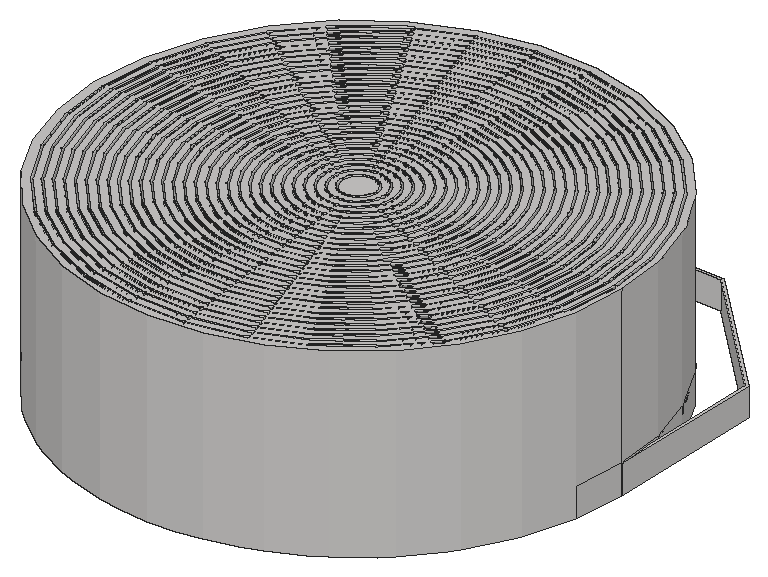
Revit family "HVAC_Fan-Assisted-Distributors_Neptronic_SKH4_ADU-1000", category Mechanical Equipment, host Face, Revit 2021
Family settings
  Host = Face
  Round Connector Dimension = Use Diameter
  Classification = None
  Part Type = Normal
  OmniClass Number = 23.33.27.15
  Cut with Voids When Loaded = No
  Shared = No
  Room Calculation Point = No
Parameters (values of type "SKH4-ADU-1000-A-5")
  Width = 0.00"  # constant formula
  Weight = 17.00 lbf
  Voltage = 120 V
  Version = 1
  URL = "https://www.neptronic.com/"
  Supply Voltage = "A"
  RLA = 1.4 A
  Product Page URL = "https://www.neptronic.com/humidifiers/SKH4.aspx"
  Product Material = Neptronic - Stainless steel
  Power Factor = 1
  Plumbing Connection Diameter = 0.70"
  Number of Spray Nozzles = 5
  Number of Poles = 1
  Nozzle Capacity = "33lb/h to 50lb/h"
  Mounting Type = "Wall Mounted"
  Model Type = "ADU"
  Model = "SKH4-ADU-1000-A-5"
  Manufacturer = "Neptronic"  # constant formula
  Length = 0.00"  # constant formula
  Height = 8.40"
  Frequency = 50 Hz
  Diameter = 18.30"
  Description = "Axial projection mist distributor"  # constant formula
  Depth = 0.00"  # constant formula
  Default Elevation = 48.00"
  Date Updated = ""
  Date Created = "2014/02/14"
  CFM = 1000 CFM
  Apparent Load = RLA * Voltage  # 168 VA
Types (2): name | Voltage | Supply Voltage | RLA | Model | Apparent Load
  SKH4-ADU-1000-A-5 | 120 V | "A" | 1.4 A | "SKH4-ADU-1000-A-5" | 168 VA
  SKH4-ADU-1000-C-5 | 240 V | "C" | 0.5 A | "SKH4-ADU-1000-C-5" | 120 VA
Reference planes (in)
  plane 1 "Center (Front/Back)": y = 0
  plane 2: z = 0
  plane 3 "Center (Left/Right)": x = 0
  plane 4: z = 8.4
Lines and regions (in)
  Masking region 1, detail levels medium+fine
    outline origin (0, 0, 0) x (1, 0, 0) y (0, 1, 0)
      loop
        line (9.15, 3.2) -> (-9.15, 3.2) -> (-9.15, 2.19685) -> (-9.26575, 2.19685)
        arc (-9.26575, 2.19685) -> (-10.10091, 1.85091) -> (-10.44685, 1.01575) r 1.1811
        line (-10.44685, 1.01575) -> (-10.44685, -0.5) -> (-10.6, -0.5) -> (-10.85, -0.75) -> (-10.85, -1.75) -> (-10.6, -2) -> (-9.9, -2) -> (-9.65, -1.75) -> (-9.65, -0.75) -> (-9.9, -0.5) -> (-10.05315, -0.5) -> (-10.05315, 1.01575)
        arc (-10.05315, 1.01575) -> (-9.82253, 1.57252) -> (-9.26575, 1.80315) r 0.7874
        line (-9.26575, 1.80315) -> (-9.15, 1.80315) -> (-9.15, -3.2) -> (-2.125, -3.2) -> (-2.125, -5.2) -> (2.125, -5.2) -> (2.125, -3.2) -> (9.15, -3.2) -> (9.15, 3.2)
  Masking region 2, detail levels medium+fine
    outline origin (0, 0, 0) x (1, 0, 0) y (0, 0, 1)
      loop
        line (9.15, 8.4) -> (-9.15, 8.4) -> (-9.15, 7.39685) -> (-9.26575, 7.39685)
        arc (-9.26575, 7.39685) -> (-10.10091, 7.05091) -> (-10.44685, 6.21575) r 1.1811
        line (-10.44685, 6.21575) -> (-10.44685, 4.7) -> (-10.6, 4.7) -> (-10.85, 4.45) -> (-10.85, 3.45) -> (-10.6, 3.2) -> (-9.9, 3.2) -> (-9.65, 3.45) -> (-9.65, 4.45) -> (-9.9, 4.7) -> (-10.05315, 4.7) -> (-10.05315, 6.21575)
        arc (-10.05315, 6.21575) -> (-9.82253, 6.77252) -> (-9.26575, 7.00315) r 0.7874
        line (-9.26575, 7.00315) -> (-9.15, 7.00315) -> (-9.15, 2) -> (-2.125, 2) -> (-2.125, 0) -> (2.125, 0) -> (2.125, 2) -> (9.15, 2) -> (9.15, 8.4)
  Masking region 3, detail levels coarse
    outline origin (0, 0, 0) x (1, 0, 0) y (0, 0, 1)
      loop
        line (-10.85, 0) -> (9.15, 0) -> (9.15, 8.4) -> (-10.85, 8.4) -> (-10.85, 0)
  symbolic lines, detail levels medium+fine
    curve 1: line (-9.15, 1.80315, 0) -> (-9.15, 2.19685, 0)
    curve 2: line (-2.125, -3.2, 0) -> (2.125, -3.2, 0)
    curve 3: line (-10.05315, -0.5, 0) -> (-10.44685, -0.5, 0)
    curve 4: line (-10.85, -0.75, 0) -> (-9.65, -0.75, 0)
    curve 5: line (-9.65, -1.75, 0) -> (-10.85, -1.75, 0)
    curve 6: line (-2.125, 0, 2) -> (2.125, 0, 2)
    curve 7: line (-9.15, 0, 7.00315) -> (-9.15, 0, 7.39685)
    curve 8: line (-10.44685, 0, 4.7) -> (-10.05315, 0, 4.7)
    curve 9: line (-10.85, 0, 4.45) -> (-9.65, 0, 4.45)
    curve 10: line (-10.85, 0, 3.45) -> (-9.65, 0, 3.45)
Dimensions and locks (in)
  aligned and locked: plane 2 to host face
  aligned and locked: level to host face
  aligned and locked: nested 1 to plane 1 "Center (Front/Back)"
  aligned and locked: nested 1 to plane 3 "Center (Left/Right)"
Nested families (in)
  nested 1: "MODEL" at (0, 0, 0) x (-1, 0, 0) z (0, 0, 1), type "MODEL"
Connectors (in)
  piping at (-10.25, 0, 3.2), diameter 0.7, driven by "Plumbing Connection Diameter", driven by "CFM"
    settings: on nested 1, index 3, connector inside diameter 24", connector length 0.00", flow factor 0, pipe flow 7480.52 GPM, pressure drop 0.00 psi, fitting loss kfactor 0, connector angle 0.00°, fixture units 0, engagement length 0.00", angle of deflection 0.00°, flow configuration 0, flow direction 1, fitting loss method 0, system type 20, joint type 0, gender type 0, connector reference index -1, connector utility 0, adjustable connector no, is connector primary yes, connector description "Plumbing Connection"
  electrical at (0, 0, 0), driven by "Number of Poles", driven by "Voltage", driven by "Apparent Load", driven by "Power Factor"
    settings: on nested 1, index 4, voltage 120 V, apparent load 168 VA, apparent load phase1 0 VA, apparent load phase2 0 VA, apparent load phase3 0 VA, power factor 1, load classification "Other", number of poles 1, system type 30, power factor state 1, is connector primary yes, connector utility no, sub classification motor no, connector description "Electrical Connection"
Definition of nested family "MODEL"
  Parameters (values of type "MODEL")
    Material = none
    Default Elevation = 0.00"
  Reference planes (in)
    plane 1 "Center (Front/Back)": y = 0
    plane 2: z = 0
    plane 3 "Center (Left/Right)": x = 0
    plane 4: z = 2
  Forms (in)
    Extrusion 1, solid, material <- "Material"
      sketch origin (0, 0, 5.2) x (1, 0, 0) y (0, 1, 0)
        loop
          circle (0, 0) r 9.15
      from -3.2 to 3.2
    Extrusion 2, solid, material <- "Material"
      sketch origin (9.15, 47.24409, 2) x (1, 0, 0) y (0, 1, 0)
        loop
          line (-4.24264, -56.94409) -> (0, -52.70145) -> (0, -47.24409) -> (-0.1, -47.24409) -> (-0.1, -52.66003) -> (-4.28406, -56.84409) -> (-14.01594, -56.84409) -> (-18.2, -52.66003) -> (-18.2, -47.24409) -> (-18.3, -47.24409) -> (-18.3, -52.70145) -> (-14.05736, -56.94409) -> (-4.24264, -56.94409)
      from 0.98425 to 0
    Extrusion 3, solid, material <- "Material"
      sketch origin (0, 0, 5.2) x (1, 0, 0) y (0, 1, 0)
        loop
          arc (2.125, 1.375) -> (1.90533, 1.90533) -> (1.375, 2.125) r 0.75
          line (1.375, 2.125) -> (-1.375, 2.125)
          arc (-1.375, 2.125) -> (-1.90533, 1.90533) -> (-2.125, 1.375) r 0.75
          line (-2.125, 1.375) -> (-2.125, -1.375)
          arc (-2.125, -1.375) -> (-1.90533, -1.90533) -> (-1.375, -2.125) r 0.75
          line (-1.375, -2.125) -> (1.375, -2.125)
          arc (1.375, -2.125) -> (1.90533, -1.90533) -> (2.125, -1.375) r 0.75
          line (2.125, -1.375) -> (2.125, 1.375)
      from -3.2 to -5.2
    Sweep 4, solid, material <- "Material"
      path origin (0, 0, 5.2) x (1, 0, 0) y (0, 0, -1)
        loop
          line (10.25, 0.5) -> (10.25, -1.01575)
          arc (10.25, -1.01575) -> (9.96172, -1.71172) -> (9.26575, -2) r 0.98425
          line (9.26575, -2) -> (9.1032, -2)
      profile origin (10.25, 0, 5.45787) x (1, 0, 0) y (0, 1, 0)
        loop
          circle (0, 0) r 0.19685
    Revolve 5, solid, material <- "Material"
      sketch origin (0, 0, 5.2) x (1, 0, 0) y (0, 0, -1)
        loop
          line (9.9, 2) -> (9.65, 1.75) -> (9.65, 0.75) -> (9.9, 0.5) -> (10.25, 0.5) -> (10.25, 2) -> (9.9, 2)
        axis (10.25, 0.5) -> (10.25, 2)
      angle from 0 to 360
    Sweep 6, solid, material <- "Material", detail levels medium+fine
      path origin (0, 0, 5.2) x (1, 0, 0) y (0, 1, 0)
        loop
          circle (0, 0) r 0.59055
      profile origin (0, 0.59055, 5.2) x (0, -1, 0) y (0, 0, 1)
        loop
          circle (0, 3.16063) r 0.03937
        loop
          circle (-0.29528, 3.16063) r 0.03937
        loop
          circle (-0.59055, 3.16063) r 0.03937
        loop
          circle (-0.88583, 3.16063) r 0.03937
        loop
          circle (-1.1811, 3.16063) r 0.03937
        loop
          circle (-1.47638, 3.16063) r 0.03937
        loop
          circle (-1.77165, 3.16063) r 0.03937
        loop
          circle (-2.06693, 3.16063) r 0.03937
        loop
          circle (-2.3622, 3.16063) r 0.03937
        loop
          circle (-2.65748, 3.16063) r 0.03937
        loop
          circle (-2.95276, 3.16063) r 0.03937
        loop
          circle (-3.24803, 3.16063) r 0.03937
        loop
          circle (-3.54331, 3.16063) r 0.03937
        loop
          circle (-3.83858, 3.16063) r 0.03937
        loop
          circle (-4.13386, 3.16063) r 0.03937
        loop
          circle (-4.42913, 3.16063) r 0.03937
        loop
          circle (-4.72441, 3.16063) r 0.03937
        loop
          circle (-5.01969, 3.16063) r 0.03937
        loop
          circle (-5.31496, 3.16063) r 0.03937
        loop
          circle (-5.61024, 3.16063) r 0.03937
        loop
          circle (-5.90551, 3.16063) r 0.03937
        loop
          circle (-6.20079, 3.16063) r 0.03937
        loop
          circle (-6.49606, 3.16063) r 0.03937
        loop
          circle (-6.79134, 3.16063) r 0.03937
        loop
          circle (-7.08661, 3.16063) r 0.03937
        loop
          circle (-7.38189, 3.16063) r 0.03937
        loop
          circle (-7.67717, 3.16063) r 0.03937
        loop
          circle (-7.97244, 3.16063) r 0.03937
        loop
          circle (-8.26772, 3.16063) r 0.03937
    Extrusion 7, solid, material <- "Material"
      sketch origin (0, 0, 5.2) x (1, 0, 0) y (0, 1, 0)
        loop
          circle (0, 0) r 9.15
      from -3.2 to -2.2
  Cuts and joins
    joined: Extrusion 1, Sweep 4
  Dimensions and locks (in)
    aligned and locked: level to plane 2
